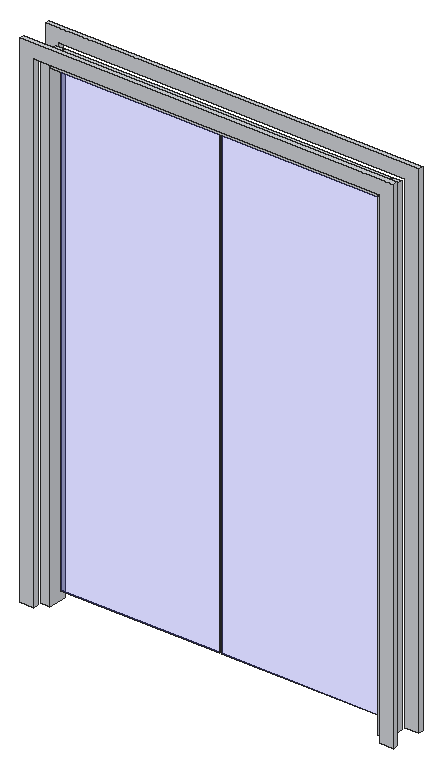
Revit family "Cua_Kinh_Cuong_Luc_2Canh_Bat2Chieu", category Doors, host Wall, Revit 2025
Family settings
  Host = Wall
  OmniClass Number = 23.30.10.00
  OmniClass Title = Doors
  Always vertical = Yes
  Cut with Voids When Loaded = No
  Shared = No
  Room Calculation Point = No
Parameters (values of type "D1 - Kính Cường Lực 10mm 2 Cánh")
  Function = Interior
  Frame Projection Ext. = 25 mm
  Frame Projection Int. = 25 mm
  Frame Width = 75 mm
  Height = 2700 mm
  Wall Closure = By host
  Width = 1900 mm
  Description = "Cửa kính cường lực 10mm 2 cánh bản lề sàn bật 2 chiều (Double Swing Door D1)"
Reference planes
  plane 1: y = 0
  plane 2 "Center (Left/Right)": x = 0
  plane 3 "Left": x = -950
  plane 4 "Right": x = 950
  plane 5: z = 2700
  plane 6 "Exterior": y = 75
  plane 7 "Interior": y = -75
Forms (mm)
  Extrusion 1, solid
    sketch origin (-3050, -75, 0) x (1, 0, 0) y (0, 0, 1)
      loop
        line (2025, 0) -> (2100, 0) -> (2100, 2700) -> (4000, 2700) -> (4000, 0) -> (4075, 0) -> (4075, 2775) -> (2025, 2775) -> (2025, 0)
    from 0 to 25
  Extrusion 2, solid
    sketch origin (-3050, 75, 0) x (-1, 0, 0) y (0, 0, 1)
      loop
        line (-2100, 0) -> (-2025, 0) -> (-2025, 2775) -> (-4075, 2775) -> (-4075, 0) -> (-4000, 0) -> (-4000, 2700) -> (-2100, 2700) -> (-2100, 0)
    from 0 to 25
  Extrusion 3, solid
    sketch origin (0, 0, 0) x (1, 0, 0) y (0, 1, 0)
      loop
        line (-950, -50) -> (-900, -50) -> (-900, 50) -> (-950, 50) -> (-950, -50)
    from 0 to 2700
  Extrusion 4, solid
    sketch origin (0, 0, 0) x (1, 0, 0) y (0, 1, 0)
      loop
        line (900, -50) -> (950, -50) -> (950, 50) -> (900, 50) -> (900, -50)
    from 0 to 2700
  Extrusion 5, solid
    sketch origin (0, 0, 2650) x (1, 0, 0) y (0, 1, 0)
      loop
        line (-900, -50) -> (900, -50) -> (900, 50) -> (-900, 50) -> (-900, -50)
    from 0 to 50
  Extrusion 6, solid
    sketch origin (0, 0, 60) x (1, 0, 0) y (0, 1, 0)
      loop
        line (-880, -5) -> (-5, -5) -> (-5, 5) -> (-880, 5) -> (-880, -5)
    from 0 to 2580
  Extrusion 7, solid
    sketch origin (0, 0, 60) x (1, 0, 0) y (0, 1, 0)
      loop
        line (5, -5) -> (880, -5) -> (880, 5) -> (5, 5) -> (5, -5)
    from 0 to 2580
Lines and regions (mm)
  Opening 1
    outline origin (-3050, -75, 0) x (1, 0, 0) y (0, 0, 1)
      loop
        line (2100, 0) -> (4000, 0) -> (4000, 2700) -> (2100, 2700) -> (2100, 0)
  symbolic lines, style "Elevation Swing"
    curve 1: line (950, -75, 1350) -> (-950, -75, 2700)
    curve 2: line (950, -75, 1350) -> (-950, -75, 0)
  symbolic lines, style "DoorsFrameMullionProjection"
    curve 3: line (-950, -50, 0) -> (-900, -50, 0)
    curve 4: line (-900, -50, 0) -> (-900, 50, 0)
    curve 5: line (-900, 50, 0) -> (-950, 50, 0)
    curve 6: line (-950, 50, 0) -> (-950, -50, 0)
    curve 7: line (900, -50, 0) -> (950, -50, 0)
    curve 8: line (950, -50, 0) -> (950, 50, 0)
    curve 9: line (950, 50, 0) -> (900, 50, 0)
    curve 10: line (900, 50, 0) -> (900, -50, 0)
    curve 11: line (-930, -25, 0) -> (-830, -25, 0)
    curve 12: line (-830, -25, 0) -> (-830, 25, 0)
    curve 13: line (-830, 25, 0) -> (-930, 25, 0)
    curve 14: line (-930, 25, 0) -> (-930, -25, 0)
    curve 15: line (830, -25, 0) -> (930, -25, 0)
    curve 16: line (930, -25, 0) -> (930, 25, 0)
    curve 17: line (930, 25, 0) -> (830, 25, 0)
    curve 18: line (830, 25, 0) -> (830, -25, 0)
  symbolic lines, style "Plan Swing"
    curve 19: line (-880, 0, 0) -> (880, 0, 0)
    curve 36: arc (0, 0, 0) -> (-66.986, 336.761, 0) -> (-257.746, 622.254, 0) r 880
    curve 37: arc (0, 0, 0) -> (-66.986, -336.761, 0) -> (-257.746, -622.254, 0) r 880
    curve 38: arc (0, 0, 0) -> (66.986, 336.761, 0) -> (257.746, 622.254, 0) r 880
    curve 39: arc (0, 0, 0) -> (66.986, -336.761, 0) -> (257.746, -622.254, 0) r 880
  symbolic lines, style "DoorsPanelProjection"
    curve 20: line (-892.374, 12.374, 0) -> (-270.12, 634.628, 0)
    curve 21: line (-270.12, 634.628, 0) -> (-245.372, 609.88, 0)
    curve 22: line (-245.372, 609.88, 0) -> (-867.626, -12.374, 0)
    curve 23: line (-867.626, -12.374, 0) -> (-892.374, 12.374, 0)
    curve 24: line (-867.626, 12.374, 0) -> (-245.372, -609.88, 0)
    curve 25: line (-245.372, -609.88, 0) -> (-270.12, -634.628, 0)
    curve 26: line (-270.12, -634.628, 0) -> (-892.374, -12.374, 0)
    curve 27: line (-892.374, -12.374, 0) -> (-867.626, 12.374, 0)
    curve 28: line (867.626, -12.374, 0) -> (245.372, 609.88, 0)
    curve 29: line (245.372, 609.88, 0) -> (270.12, 634.628, 0)
    curve 30: line (270.12, 634.628, 0) -> (892.374, 12.374, 0)
    curve 31: line (892.374, 12.374, 0) -> (867.626, -12.374, 0)
    curve 32: line (892.374, -12.374, 0) -> (270.12, -634.628, 0)
    curve 33: line (270.12, -634.628, 0) -> (245.372, -609.88, 0)
    curve 34: line (245.372, -609.88, 0) -> (867.626, 12.374, 0)
    curve 35: line (867.626, 12.374, 0) -> (892.374, -12.374, 0)
Text (mm)
  text "Exterior" at (-1376.75, 1099.543, 0), in view "Ref. Level"
  text "Exterior" at (0, 1615.38, 3698.081), in view "Left"
  text "Exterior" at (0, 1036.032, 3874.932), in view "Right"
Dimensions and locks
  equal spacing: plane 3 "Left", plane 2 "Center (Left/Right)", plane 4 "Right"
  "Width": plane 3 "Left" to plane 4 "Right"
  "Height": plane 5 to host wall
  equal spacing: host wall, curve 2, plane 5
  host wall to plane 5 = 2700 mm
  "Frame Projection Ext.": Extrusion 2 to Extrusion 2
  "Frame Projection Int.": Extrusion 1 to Extrusion 1
  "Frame Width": plane 3 "Left" to Extrusion 1 sketch curve
  "Frame Width": plane 4 "Right" to Extrusion 1 sketch curve
  "Frame Width": Extrusion 1 sketch curve to plane 5
  "Frame Width": plane 4 "Right" to Extrusion 2 sketch curve
  "Frame Width": plane 3 "Left" to Extrusion 2 sketch curve
  "Frame Width": plane 5 to Extrusion 2 sketch curve
  locked: plane 6 "Exterior" to host wall
  locked: plane 7 "Interior" to host wall
  aligned and locked: plane 3 "Left" to Opening 1 sketch curve
  aligned and locked: plane 5 to Opening 1 sketch curve  (x2)
  aligned and locked: Opening 1 sketch curve to plane 4 "Right"
  aligned and locked: Opening 1 sketch curve to level
  aligned and locked: level to Extrusion 1 sketch curve
  aligned and locked: plane 5 to Extrusion 1 sketch curve  (x2)
  aligned and locked: Extrusion 1 sketch curve to plane 4 "Right"
  aligned and locked: plane 3 "Left" to Extrusion 1 sketch curve
  aligned and locked: plane 3 "Left" to Extrusion 2 sketch curve
  aligned and locked: plane 5 to Extrusion 2 sketch curve  (x2)
  aligned and locked: level to Extrusion 2 sketch curve
  aligned and locked: plane 5 to curve 1
  aligned and locked: plane 3 "Left" to curve 2
  aligned and locked: plane 1 to host wall
  aligned and locked: plane 3 "Left" to curve 1
Automatic sketch dimensions
  Extrusion 2 sketch curve to plane 4 "Right" = 0 mm
  Extrusion 1 sketch curve to level = 0 mm
  Extrusion 2 sketch curve to level = 0 mm
  plane 4 "Right" to curve 2 = 0 mm
  curve 2 to level = 0 mm
  Extrusion 3 sketch curve to plane 3 "Left" = 0 mm
  Extrusion 3 sketch curve to host wall = 25 mm  (x2)
  Extrusion 3 sketch curve to Extrusion 3 sketch curve = 50 mm
  Extrusion 4 sketch curve to plane 4 "Right" = 0 mm
  Extrusion 4 sketch curve to host wall = 25 mm  (x2)
  plane 4 "Right" to Extrusion 4 sketch curve = 50 mm
  Extrusion 5 sketch curve to host wall = 25 mm  (x2)
  Extrusion 5 sketch curve to plane 3 "Left" = 50 mm
  plane 4 "Right" to Extrusion 5 sketch curve = 50 mm
  host wall to Extrusion 6 sketch curve = 5 mm
  Extrusion 6 sketch curve to plane 3 "Left" = 70 mm
  Extrusion 6 sketch curve to plane 2 "Center (Left/Right)" = 5 mm
  Extrusion 6 sketch curve to host wall = 5 mm
  plane 2 "Center (Left/Right)" to Extrusion 7 sketch curve = 5 mm
  Extrusion 7 sketch curve to host wall = 5 mm
  plane 4 "Right" to Extrusion 7 sketch curve = 70 mm
  host wall to Extrusion 7 sketch curve = 5 mm
  curve 3 to host wall = 25 mm
  curve 4 to host wall = 25 mm
  curve 5 to plane 3 "Left" = 0 mm
  curve 7 to host wall = 25 mm
  plane 4 "Right" to curve 7 = 50 mm
  curve 9 to plane 4 "Right" = 0 mm
  curve 9 to host wall = 25 mm
  host wall to curve 11 = 25 mm
  curve 3 to curve 11 = 70 mm
  curve 13 to plane 3 "Left" = 20 mm
  curve 13 to host wall = 25 mm
  host wall to curve 15 = 25 mm
  curve 15 to curve 7 = 70 mm
  plane 4 "Right" to curve 15 = 20 mm
  curve 17 to host wall = 25 mm
  host wall to curve 19 = 0 mm
  curve 3 to curve 19 = 20 mm
  curve 19 to curve 7 = 20 mm
  curve 20 to curve 19 = 12.374 mm
  host wall to curve 22 = 12.374 mm
  curve 19 to curve 22 = 12.374 mm
  curve 23 to host wall = 12.374 mm
  curve 24 to host wall = 12.374 mm
  curve 19 to curve 24 = 12.374 mm
  host wall to curve 26 = 12.374 mm
  host wall to curve 28 = 12.374 mm
  curve 28 to curve 19 = 12.374 mm
  curve 21 to curve 28 = 0 mm
  curve 19 to curve 30 = 12.374 mm
  curve 31 to host wall = 12.374 mm
  curve 34 to curve 19 = 12.374 mm
  curve 35 to host wall = 12.374 mm
  host wall to curve 35 = 12.374 mm
  curve 36 to plane 2 "Center (Left/Right)" = 0 mm
  curve 36 to curve 19 = 0 mm
  curve 36 to curve 21 = 12.374 mm
  curve 36 to curve 37 = 0 mm
  curve 37 to plane 2 "Center (Left/Right)" = 0 mm
  curve 37 to curve 24 = 12.374 mm
  curve 38 to plane 2 "Center (Left/Right)" = 0 mm
  curve 38 to curve 19 = 0 mm
  curve 38 to curve 29 = 12.374 mm
  curve 38 to curve 39 = 0 mm
  curve 39 to plane 2 "Center (Left/Right)" = 0 mm
  curve 39 to curve 32 = 12.374 mm
